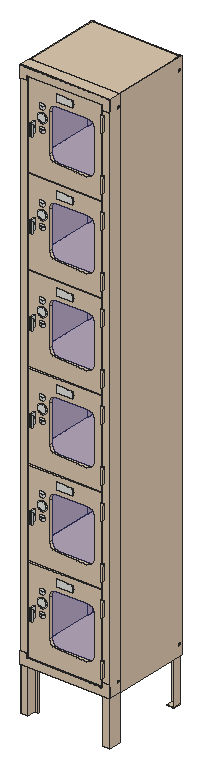
Revit family "Metal_Lockers-Salsbury_Industries-S_65000_66000_Series-1_Wide_Units", category Specialty Equipment, Revit 2016
Family settings
  Part Type = Normal
  Round Connector Dimension = Use Diameter
  OmniClass Number = 23.40.00.00
  OmniClass Title = Equipment and Furnishings
  Work Plane-Based = No
  Always vertical = Yes
  Cut with Voids When Loaded = No
  Shared = No
  Room Calculation Point = No
Parameters (values of type "S-66162 - with Standard 6" High Legs")
  Zee Base Corner - Right Side [instance] = Metal Locker Zee Base Corner : None
  Zee Base Corner - Left Side [instance] = Metal Locker Zee Base Corner : None
  Zee Base - Right Side [instance] = Metal Locker Zee Base-Right Side : None
  Zee Base - Left Side [instance] = Metal Locker Zee Base-Left Side : None
  Zee Base = Metal Locker Zee Base : None
  Window Panel Material = Polycarbonate - Salsbury Finish - Clear
  Width = 12.040"
  Version = "3.0 (03/30/18)"
  Unit Height including Sloping Hood Only [instance] = 78.625"
  Unit Height = 72.000"
  URL = "www.lockers.com"
  Type Comments = "See-Through Metal Locker - Six Tier"
  Total Door(s) Height [instance] = 69.81949"
  Top Door = yes
  Top Compartment Divider = yes
  Sloping Top In-Line Filler - Right Side [instance] = Metal Locker Sloping Top Filler : None
  Sloping Top In-Line Filler - Left Side [instance] = Metal Locker Sloping Top Filler : None
  Sloping Top Corner Filler - Right Side [instance] = Metal Locker Sloping Corner Filler : None
  Sloping Top Corner Filler - Left Side [instance] = Metal Locker Sloping Corner Filler : None
  Sloping Hood Height = if(Depth = 12.010", 6.625", if(Depth = 15.010", 8.682", if(Depth = 18.010", 10.739", 0.000")))  # 6.625"
  Sloping Hood [instance] = Metal Locker Sloping Hood : None
  Right Side Base [instance] = Metal Locker Right Side Base : None
  Primary Structure Material [instance] = Paint - Salsbury Finish - Tan
  Overall Width including Rivets [instance] = 12.120"
  Unit Height including Base Only [instance] = 78.000"
  Overall Unit Height (including Base and Sloping Hood) [instance] = 84.625"
  OmniClass 23 Title = "Equipment and Furnishings"
  OmniClass 23 Number = "23.40.00.00"
  Model = "S-66162"
  MasterFormat Title = "Lockers"
  MasterFormat Number = "10 51 13"
  Manufacturer = "Salsbury Industries"
  Left Side Base [instance] = Metal Locker Left Side Base : None
  Individual Door Height = 11.534"
  Hasp Plate Rivet Material = Steel -Salsbury Finish - Polished Steel
  Hasp Handle Material = Plastic - Salsbury Finish - Black
  Front Vertical Filler - Right [instance] = Metal Locker Front Filler : None
  Front Vertical Filler - Left [instance] = Metal Locker Front Filler : None
  Front Base [instance] = Metal Locker Front Base : None
  Flat Top In-Line Filler - Right Side [instance] = Metal Locker Flat Top Filler : None
  Flat Top In-Line Filler - Left Side [instance] = Metal Locker Flat Top Filler : None
  Flat Top Corner Filler - Right Side [instance] = Metal Locker Flat Corner Filler : None
  Flat Top Corner Filler - Left Side [instance] = Metal Locker Flat Corner Filler : None
  Individual Door Width [instance] = 9.90055"
  End Panel - Right Side [instance] = Metal Locker End Panel : None
  End Panel - Left Side [instance] = Metal Locker End Panel : None
  Door Window Width = 6.000"
  Door Window Offset = if(Unit Height = 72.000", 3.372", if(Unit Height = 60.000", 3.303", 0.000"))  # 3.372"
  Door Window Height = if(Unit Height = 72.000", 7.000", if(Unit Height = 60.000", 7.000", 0.000"))  # 7.000"
  Door Location D1 = See-Through Metal Locker Doors-12 inch with Latch Hasps : Six Tier Door - 6 foot
  Description = "1 Wide - 6 Feet High - 12 Inches Deep"
  Depth = 12.010"
  Compartment Divider Height = Individual Door Height - 0.375"  # 11.159"
  Base Height = 6.000"
  Standard Leg Base = Metal Locker Legs : 6" High - 12" W x 12" D
  Assembly Code = "C1030310"
Reference planes (in)
  plane 1 "Center (Front/Back)": y = 0
  plane 2: z = 0
  plane 3 "Center (Left/Right)": x = 0
  plane 4 "Floor": z = 0
  plane 5 "Bottom of Unit": z = 6
  plane 6 "Top of Unit": z = 78
  plane 7 "Left Side of Unit": x = -6.02
  plane 8 "Right Side of Unit": x = 6.02
  plane 9 "Back of Unit": y = 6.005
  plane 10 "Front of Unit": y = -6.005
  plane 11 "Top of Sloping Hood": z = 84.625
  plane 12 "Left Rivet": x = -6.06
  plane 13 "Right Rivet": x = 6.06
  plane 14 "Right Side of Door Opening": x = 5.02
  plane 15 "Left Side of Door Opening": x = -5.02
  plane 16 "Top of Door Opening": z = 77
  plane 17 "Bottom of Door Opening": z = 7
  plane 18 "Back Edge of Front Facing": y = -4.417
  plane 19 "Front Plate Plane": y = -6.065
  plane 20 "Horizontal Center of Top Rivets": z = 76.5
  plane 21 "Horiz Center of Bottom Rivets": z = 7.5
  plane 22 "Vertical Center of Back Rivets": y = 5.505
  plane 23 "Vertical Center of Front Rivets": y = -4.755
  plane 24 "Right Align Top Filler Overlap": x = 5.435
  plane 25 "Left Align Top Filler Overlap": x = -5.435
  plane 26 "Corner Filler Align-Left": x = -6.08
  plane 27 "Corner Filler Align-Right": x = 6.08
  plane 28 "Left Side of Door": x = -4.95029
  plane 29 "Right Side of Door": x = 4.95026
  plane 30 "Top of Door 1": z = 76.90976
  plane 31 "Bottom of Bottom Door": z = 7.09027
  plane 32 "Zee Base Offset": x = -5.669
  plane 33: x = 5.669
  plane 34 "Compartment Align 3": z = 19.159
  plane 35: x = -5.96
  plane 36: x = 5.96
  plane 37: x = -5.635
  plane 38: x = 5.635
  plane 39: y = 5.945
  plane 40: y = 5.895
  plane 41: y = 5.145
  plane 42: x = -5.9
  plane 43: x = 5.9
  plane 44: x = -5.095
  plane 45: x = 5.095
  plane 46: z = 77.94
  plane 47: z = 19.099
  plane 48: z = 18.159
  plane 49: z = 6.9204
  plane 50: z = 6.18539
  plane 51: z = 76.40796
  plane 52: z = 7.59204
  plane 53: z = 18.159
  plane 54: z = 18.62427
  plane 55: z = 18.74976
  plane 56: z = 30.28376
  plane 57: z = 30.40876
  plane 58: z = 29.78327
  plane 59: z = 30.72327
  plane 60 "Compartment Align 2": z = 30.78327
  plane 61: z = 53.72076
  plane 62: z = 41.94276
  plane 63: z = 42.06776
  plane 64: z = 41.44276
  plane 65: z = 42.38276
  plane 66 "Compartment Align 1": z = 42.44276
  plane 67: z = 71.20625
  plane 68: z = 53.60176
  plane 69: z = 53.72676
  plane 70: z = 65.26076
  plane 71: z = 65.38576
  plane 72: z = 53.10176
  plane 73: z = 54.04176
  plane 74: z = 54.10176
  plane 75: z = 64.76076
  plane 76: z = 65.70076
  plane 77: z = 65.76076
  plane 78: z = 82.86525
  plane 79: z = 94.52425
  plane 80: x = -2.04974
  plane 81: x = 3.95026
  plane 82: z = 9.372
  plane 83: z = 16.372
Forms (in)
  Sweep 1, solid, material "Paint - Salsbury Finish - Tan" <- "Primary Structure Material"
    path origin (0, -6.005, 0) x (1, 0, 0) y (0, 0, 1)
      loop
        line (-6.02, 78) -> (-6.02, 6) -> (6.02, 6) -> (6.02, 78) -> (-6.02, 78)
    profile origin (0, -6.005, 78) x (0, 0, 1) y (0, -1, 0)
      loop
        line (0, 0) -> (-1, 0) -> (-1, -1.588) -> (0, -1.588) -> (0, 0)
  Extrusion 2, solid, material "Paint - Salsbury Finish - Tan" <- "Primary Structure Material"
    sketch origin (0, 0, 6) x (0, -1, 0) y (1, 0, 0)
      loop
        line (4.417, 6.02) -> (-6.005, 6.02) -> (-6.005, 5.635) -> (-5.945, 5.635) -> (-5.945, 5.96) -> (4.417, 5.96) -> (4.417, 6.02)
    from 0 to 72
  Extrusion 3, solid, material "Paint - Salsbury Finish - Tan" <- "Primary Structure Material"
    sketch origin (0, 0, 6) x (0, -1, 0) y (1, 0, 0)
      loop
        line (4.417, -6.02) -> (4.417, -5.96) -> (-5.945, -5.96) -> (-5.945, -5.635) -> (-6.005, -5.635) -> (-6.005, -6.02) -> (4.417, -6.02)
    from 0 to 72
  Extrusion 4, solid, material "Paint - Salsbury Finish - Tan" <- "Primary Structure Material"
    sketch origin (0, 0, 6) x (0, -1, 0) y (1, 0, 0)
      loop
        line (-5.945, -5.96) -> (-5.145, -5.96) -> (-5.145, -5.9) -> (-5.895, -5.9) -> (-5.895, 5.9) -> (-5.145, 5.9) -> (-5.145, 5.96) -> (-5.945, 5.96) -> (-5.945, -5.96)
    from 0 to 72
  Sweep 5, solid, material "Paint - Salsbury Finish - Tan" <- "Primary Structure Material"
    path origin (0, 0, 7) x (0, -1, 0) y (1, 0, 0)
      loop
        line (4.417, -5.96) -> (4.417, 5.96) -> (-5.145, 5.96) -> (-5.145, 5.9) -> (-5.895, 5.9) -> (-5.895, -5.9) -> (-5.145, -5.9) -> (-5.145, -5.96) -> (4.417, -5.96)
    profile origin (-5.96, 0.364, 7) x (-1, 0, 0) y (0, 0, 1)
      loop
        line (0, -0.81461) -> (0, -0.0796) -> (-0.06, -0.0796) -> (-0.06, -0.81461) -> (0, -0.81461)
  Extrusion 6, solid, material "Paint - Salsbury Finish - Tan" <- "Primary Structure Material"
    sketch origin (0, 0, 7) x (0, -1, 0) y (1, 0, 0)
      loop
        line (-5.895, -5.9) -> (-5.145, -5.9) -> (-5.145, -5.96) -> (4.417, -5.96) -> (4.417, 5.96) -> (-5.145, 5.96) -> (-5.145, 5.9) -> (-5.895, 5.9) -> (-5.895, -5.9)
    from -0.0796 to 0
  Extrusion 7, solid, material "Paint - Salsbury Finish - Tan" <- "Primary Structure Material"
    sketch origin (0, 0, 78) x (0, -1, 0) y (1, 0, 0)
      loop
        line (-5.895, -5.9) -> (-5.145, -5.9) -> (-5.145, -5.96) -> (4.417, -5.96) -> (4.417, 5.96) -> (-5.145, 5.96) -> (-5.145, 5.9) -> (-5.895, 5.9) -> (-5.895, -5.9)
    from -0.06 to 0
  Extrusion 8, solid, material "Paint - Salsbury Finish - Tan" <- "Primary Structure Material"
    sketch origin (0, -6.065, 0) x (0, 0, -1) y (1, 0, 0)
      loop
        line (-78, -6.02) -> (-76.47656, -6.02)
        arc (-76.47656, -6.02) -> (-76.42806, -5.99991) -> (-76.40796, -5.9514) r 0.0686
        line (-76.40796, -5.9514) -> (-76.40796, -5.16351)
        arc (-76.40796, -5.16351) -> (-76.42809, -5.11506) -> (-76.47656, -5.095) r 0.0686
        line (-76.47656, -5.095) -> (-77, -5.095) -> (-77, 5.095) -> (-76.47656, 5.095)
        arc (-76.47656, 5.095) -> (-76.42809, 5.11506) -> (-76.40796, 5.16351) r 0.0686
        line (-76.40796, 5.16351) -> (-76.40796, 5.9514)
        arc (-76.40796, 5.9514) -> (-76.42806, 5.99991) -> (-76.47656, 6.02) r 0.0686
        line (-76.47656, 6.02) -> (-78, 6.02) -> (-78, -6.02)
    from -0.06 to 0
  Extrusion 9, solid, material "Paint - Salsbury Finish - Tan" <- "Primary Structure Material"
    sketch origin (0, -6.065, 84) x (0, 0, 1) y (-1, 0, 0)
      loop
        line (-78, 6.02) -> (-78, -6.02) -> (-76.47656, -6.02)
        arc (-76.47656, -6.02) -> (-76.42806, -5.99991) -> (-76.40796, -5.9514) r 0.0686
        line (-76.40796, -5.9514) -> (-76.40796, -5.16351)
        arc (-76.40796, -5.16351) -> (-76.42809, -5.11506) -> (-76.47656, -5.095) r 0.0686
        line (-76.47656, -5.095) -> (-77, -5.095) -> (-77, 5.095) -> (-76.47656, 5.095)
        arc (-76.47656, 5.095) -> (-76.42809, 5.11506) -> (-76.40796, 5.16351) r 0.0686
        line (-76.40796, 5.16351) -> (-76.40796, 5.9514)
        arc (-76.40796, 5.9514) -> (-76.42806, 5.99991) -> (-76.47656, 6.02) r 0.0686
        line (-76.47656, 6.02) -> (-78, 6.02)
    from -0.06 to 0
  Blend 10, solid, material "Steel -Salsbury Finish - Polished Steel" <- "Hasp Plate Rivet Material"
    base sketch origin (6.02, 0, 0) x (0, 0, -1) y (0, -1, 0)
      loop
        circle (-76.5, 4.755) r 0.187
    top sketch origin (6.02, 0, 0) x (0, 0, -1) y (0, -1, 0)
      loop
        circle (-76.5, 4.755) r 0.05319
    from 0 to -0.04
  Blend 11, solid, material "Steel -Salsbury Finish - Polished Steel" <- "Hasp Plate Rivet Material"
    base sketch origin (6.02, 0, -69) x (0, 0, -1) y (0, -1, 0)
      loop
        circle (-76.5, 4.755) r 0.187
    top sketch origin (6.02, 0, -69) x (0, 0, -1) y (0, -1, 0)
      loop
        circle (-76.5, 4.755) r 0.05319
    from 0 to -0.04
  Blend 12, solid, material "Steel -Salsbury Finish - Polished Steel" <- "Hasp Plate Rivet Material"
    base sketch origin (6.02, 10.26, -69) x (0, 0, -1) y (0, -1, 0)
      loop
        circle (-76.5, 4.755) r 0.187
    top sketch origin (6.02, 10.26, -69) x (0, 0, -1) y (0, -1, 0)
      loop
        circle (-76.5, 4.755) r 0.05319
    from 0 to -0.04
  Blend 13, solid, material "Steel -Salsbury Finish - Polished Steel" <- "Hasp Plate Rivet Material"
    base sketch origin (6.02, 10.26, 0.0043) x (0, 0, -1) y (0, -1, 0)
      loop
        circle (-76.5, 4.755) r 0.187
    top sketch origin (6.02, 10.26, 0.0043) x (0, 0, -1) y (0, -1, 0)
      loop
        circle (-76.5, 4.755) r 0.05319
    from 0 to -0.04
  Blend 14, solid, material "Steel -Salsbury Finish - Polished Steel" <- "Hasp Plate Rivet Material"
    base sketch origin (-6.02, 0, -69) x (0, 0, -1) y (0, 1, 0)
      loop
        circle (-76.5, -4.755) r 0.187
    top sketch origin (-6.02, 0, -69) x (0, 0, -1) y (0, 1, 0)
      loop
        circle (-76.5, -4.755) r 0.05319
    from 0 to -0.04
  Blend 15, solid, material "Steel -Salsbury Finish - Polished Steel" <- "Hasp Plate Rivet Material"
    base sketch origin (-6.02, 10.26, -69) x (0, 0, -1) y (0, 1, 0)
      loop
        circle (-76.5, -4.755) r 0.187
    top sketch origin (-6.02, 10.26, -69) x (0, 0, -1) y (0, 1, 0)
      loop
        circle (-76.5, -4.755) r 0.05319
    from 0 to -0.04
  Blend 16, solid, material "Steel -Salsbury Finish - Polished Steel" <- "Hasp Plate Rivet Material"
    base sketch origin (-6.02, 0, 0) x (0, 0, -1) y (0, 1, 0)
      loop
        circle (-76.5, -4.755) r 0.187
    top sketch origin (-6.02, 0, 0) x (0, 0, -1) y (0, 1, 0)
      loop
        circle (-76.5, -4.755) r 0.05319
    from 0 to -0.04
  Blend 17, solid, material "Steel -Salsbury Finish - Polished Steel" <- "Hasp Plate Rivet Material"
    base sketch origin (-6.02, 10.26, 0.00039) x (0, 0, -1) y (0, 1, 0)
      loop
        circle (-76.5, -4.755) r 0.187
    top sketch origin (-6.02, 10.26, 0.00039) x (0, 0, -1) y (0, 1, 0)
      loop
        circle (-76.5, -4.755) r 0.05319
    from 0 to -0.04
  Extrusion 18, solid, material "Paint - Salsbury Finish - Tan" <- "Primary Structure Material"
    sketch origin (0, 0, 19.159) x (0, -1, 0) y (1, 0, 0)
      loop
        line (-5.895, -5.9) -> (-5.145, -5.9) -> (-5.145, -5.96) -> (4.417, -5.96) -> (4.417, 5.96) -> (-5.145, 5.96) -> (-5.145, 5.9) -> (-5.895, 5.9) -> (-5.895, -5.9)
    from -0.06 to 0
  Sweep 19, solid, material "Paint - Salsbury Finish - Tan" <- "Primary Structure Material"
    path origin (0, 0, 19.159) x (0, -1, 0) y (1, 0, 0)
      loop
        line (4.417, -5.96) -> (4.417, 5.96) -> (-5.145, 5.96) -> (-5.145, 5.9) -> (-5.895, 5.9) -> (-5.895, -5.9) -> (-5.145, -5.9) -> (-5.145, -5.96) -> (4.417, -5.96)
    profile origin (-5.96, 0.364, 19.159) x (-1, 0, 0) y (0, 0, 1)
      loop
        line (0, -1) -> (0, -0.06) -> (-0.06, -0.06) -> (-0.06, -1) -> (0, -1)
  Extrusion 20, solid, material "Paint - Salsbury Finish - Tan" <- "Primary Structure Material"
    sketch origin (0, 0, 54.72076) x (0, -1, 0) y (1, 0, 0)
      loop
        line (-5.895, -5.9) -> (-5.145, -5.9) -> (-5.145, -5.96) -> (4.417, -5.96) -> (4.417, 5.96) -> (-5.145, 5.96) -> (-5.145, 5.9) -> (-5.895, 5.9) -> (-5.895, -5.9)
    from -23.99749 to -23.93749
  Sweep 21, solid, material "Paint - Salsbury Finish - Tan" <- "Primary Structure Material"
    path origin (0, 0, 30.78327) x (0, -1, 0) y (1, 0, 0)
      loop
        line (4.417, -5.96) -> (4.417, 5.96) -> (-5.145, 5.96) -> (-5.145, 5.9) -> (-5.895, 5.9) -> (-5.895, -5.9) -> (-5.145, -5.9) -> (-5.145, -5.96) -> (4.417, -5.96)
    profile origin (-5.96, 0.364, 30.78327) x (-1, 0, 0) y (0, 0, 1)
      loop
        line (0, -1) -> (0, -0.06) -> (-0.06, -0.06) -> (-0.06, -1) -> (0, -1)
  Extrusion 22, solid, material "Paint - Salsbury Finish - Tan" <- "Primary Structure Material"
    sketch origin (0, 0, 42.44276) x (0, -1, 0) y (1, 0, 0)
      loop
        line (-5.895, -5.9) -> (-5.145, -5.9) -> (-5.145, -5.96) -> (4.417, -5.96) -> (4.417, 5.96) -> (-5.145, 5.96) -> (-5.145, 5.9) -> (-5.895, 5.9) -> (-5.895, -5.9)
    from -0.06 to 0
  Sweep 23, solid, material "Paint - Salsbury Finish - Tan" <- "Primary Structure Material"
    path origin (0, 0, 42.44276) x (0, -1, 0) y (1, 0, 0)
      loop
        line (4.417, -5.96) -> (4.417, 5.96) -> (-5.145, 5.96) -> (-5.145, 5.9) -> (-5.895, 5.9) -> (-5.895, -5.9) -> (-5.145, -5.9) -> (-5.145, -5.96) -> (4.417, -5.96)
    profile origin (-5.96, 0.364, 42.44276) x (-1, 0, 0) y (0, 0, 1)
      loop
        line (0, -1) -> (0, -0.06) -> (-0.06, -0.06) -> (-0.06, -1) -> (0, -1)
  Extrusion 24, solid, material "Paint - Salsbury Finish - Tan" <- "Primary Structure Material"
    sketch origin (0, 0, 54.10176) x (0, -1, 0) y (1, 0, 0)
      loop
        line (-5.895, -5.9) -> (-5.145, -5.9) -> (-5.145, -5.96) -> (4.417, -5.96) -> (4.417, 5.96) -> (-5.145, 5.96) -> (-5.145, 5.9) -> (-5.895, 5.9) -> (-5.895, -5.9)
    from -0.06 to 0
  Sweep 25, solid, material "Paint - Salsbury Finish - Tan" <- "Primary Structure Material"
    path origin (0, 0, 54.10176) x (0, -1, 0) y (1, 0, 0)
      loop
        line (4.417, -5.96) -> (4.417, 5.96) -> (-5.145, 5.96) -> (-5.145, 5.9) -> (-5.895, 5.9) -> (-5.895, -5.9) -> (-5.145, -5.9) -> (-5.145, -5.96) -> (4.417, -5.96)
    profile origin (-5.96, 0.364, 54.10176) x (-1, 0, 0) y (0, 0, 1)
      loop
        line (0, -1) -> (0, -0.06) -> (-0.06, -0.06) -> (-0.06, -1) -> (0, -1)
  Extrusion 26, solid, material "Paint - Salsbury Finish - Tan" <- "Primary Structure Material", visible <- "Top Compartment Divider"
    sketch origin (0, 0, 65.76076) x (0, -1, 0) y (1, 0, 0)
      loop
        line (-5.895, -5.9) -> (-5.145, -5.9) -> (-5.145, -5.96) -> (4.417, -5.96) -> (4.417, 5.96) -> (-5.145, 5.96) -> (-5.145, 5.9) -> (-5.895, 5.9) -> (-5.895, -5.9)
    from -0.06 to 0
  Sweep 27, solid, material "Paint - Salsbury Finish - Tan" <- "Primary Structure Material", visible <- "Top Compartment Divider"
    path origin (0, 0, 65.76076) x (0, -1, 0) y (1, 0, 0)
      loop
        line (4.417, -5.96) -> (4.417, 5.96) -> (-5.145, 5.96) -> (-5.145, 5.9) -> (-5.895, 5.9) -> (-5.895, -5.9) -> (-5.145, -5.9) -> (-5.145, -5.96) -> (4.417, -5.96)
    profile origin (-5.96, 0.364, 65.76076) x (-1, 0, 0) y (0, 0, 1)
      loop
        line (0, -1) -> (0, -0.06) -> (-0.06, -0.06) -> (-0.06, -1) -> (0, -1)
Lines and regions (in)
  reference lines
    curve 1: line (-29.59242, -6.065, 78) -> (36.15758, -6.065, 78)
  symbolic lines
    curve 2: line (-6.02, 6.005, 78) -> (6.02, 6.005, 78)
    curve 3: line (-6.02, -6.065, 78) -> (-6.02, 6.005, 78)
    curve 4: line (6.02, -6.065, 78) -> (-6.02, -6.065, 78)
    curve 5: line (6.02, 6.005, 78) -> (6.02, -6.065, 78)
    curve 6: line (-6.06, -4.80819, 78) -> (-6.02, -4.91809, 78)
    curve 7: line (-6.02, -4.58043, 78) -> (-6.06, -4.70181, 78)
    curve 8: line (-6.06, -4.80819, 78) -> (-6.06, -4.70181, 78)
    curve 9: line (-6.06, 5.45181, 78) -> (-6.02, 5.31077, 78)
    curve 10: line (-6.06, 5.55819, 78) -> (-6.02, 5.68474, 78)
    curve 11: line (-6.06, 5.55819, 78) -> (-6.06, 5.45181, 78)
    curve 12: line (6.06, 5.55819, 78) -> (6.02, 5.70747, 78)
    curve 13: line (6.06, 5.45181, 78) -> (6.02, 5.3179, 78)
    curve 14: line (6.06, 5.55819, 78) -> (6.06, 5.45181, 78)
    curve 15: line (6.06, -4.70181, 78) -> (6.02, -4.57098, 78)
    curve 16: line (6.06, -4.80819, 78) -> (6.02, -4.94769, 78)
    curve 17: line (6.06, -4.70181, 78) -> (6.06, -4.80819, 78)
Dimensions and locks (in)
  equal spacing: plane 7 "Left Side of Unit", plane 3 "Center (Left/Right)", plane 8 "Right Side of Unit"
  "Width": plane 7 "Left Side of Unit" to plane 8 "Right Side of Unit"
  "Base Height": plane 5 "Bottom of Unit" to plane 4 "Floor"
  "Unit Height": plane 6 "Top of Unit" to plane 5 "Bottom of Unit"
  "Unit Height including Base Only": plane 6 "Top of Unit" to plane 4 "Floor"
  equal spacing: plane 10 "Front of Unit", plane 1 "Center (Front/Back)", plane 9 "Back of Unit"
  "Depth": plane 10 "Front of Unit" to plane 9 "Back of Unit"
  "Sloping Hood Height": plane 11 "Top of Sloping Hood" to plane 6 "Top of Unit"
  "Overall Unit Height (including Base and Sloping Hood)": plane 11 "Top of Sloping Hood" to plane 4 "Floor"
  locked: plane 12 "Left Rivet" to plane 7 "Left Side of Unit" at 0.04
  locked: plane 8 "Right Side of Unit" to plane 13 "Right Rivet" at 0.04
  "Overall Width including Rivets": plane 12 "Left Rivet" to plane 13 "Right Rivet"
  plane 6 "Top of Unit" to plane 16 "Top of Door Opening" to plane 30 "Top of Door 1" to plane 51 = 1.000" locked, 0.09024", 0.5018"
  plane 52 to plane 31 "Bottom of Bottom Door" to plane 17 "Bottom of Door Opening" to plane 5 "Bottom of Unit" = 0.50177", 0.09027", 1.000" locked
  plane 7 "Left Side of Unit" to plane 15 "Left Side of Door Opening" to plane 28 "Left Side of Door" = 1.000" locked, 0.06971"
  plane 29 "Right Side of Door" to plane 14 "Right Side of Door Opening" to plane 8 "Right Side of Unit" = 0.06974", 1.000" locked
  plane 19 "Front Plate Plane" to plane 10 "Front of Unit" to plane 18 "Back Edge of Front Facing" = 0.060" locked, 1.588" locked
  "Unit Height including Sloping Hood Only": plane 11 "Top of Sloping Hood" to plane 5 "Bottom of Unit"
  locked: plane 20 "Horizontal Center of Top Rivets" to plane 6 "Top of Unit" at 1.5
  locked: plane 5 "Bottom of Unit" to plane 21 "Horiz Center of Bottom Rivets" at 1.5
  locked: plane 22 "Vertical Center of Back Rivets" to plane 9 "Back of Unit" at 0.5
  locked: plane 10 "Front of Unit" to plane 23 "Vertical Center of Front Rivets" at 1.25
  locked: plane 24 "Right Align Top Filler Overlap" to plane 13 "Right Rivet" at 0.625
  locked: plane 12 "Left Rivet" to plane 25 "Left Align Top Filler Overlap" at 0.625
  locked: plane 8 "Right Side of Unit" to plane 27 "Corner Filler Align-Right" at 0.06
  locked: plane 26 "Corner Filler Align-Left" to plane 7 "Left Side of Unit" at 0.06
  "Individual Door Width": plane 28 "Left Side of Door" to plane 29 "Right Side of Door"
  "Total Door(s) Height": plane 30 "Top of Door 1" to plane 31 "Bottom of Bottom Door"
  plane 7 "Left Side of Unit" to plane 32 "Zee Base Offset" = 0.351"
  plane 33 to plane 8 "Right Side of Unit" = 0.351"
  plane 34 "Compartment Align 3" to plane 47 to plane 53 = 0.060" locked, 0.940" locked
  plane 7 "Left Side of Unit" to plane 35 to plane 42 to plane 37 = 0.060" locked, 0.060" locked, 0.265" locked
  plane 38 to plane 43 to plane 36 to plane 8 "Right Side of Unit" = 0.265" locked, 0.060", 0.060"
  plane 41 to plane 40 to plane 39 to plane 9 "Back of Unit" = 0.750" locked, 0.050", 0.060"
  locked: plane 7 "Left Side of Unit" to plane 44 at 0.925
  locked: plane 45 to plane 8 "Right Side of Unit" at 0.925
  locked: plane 6 "Top of Unit" to plane 46 at 0.06
  plane 47 to plane 48 = 0.940"
  locked: plane 17 "Bottom of Door Opening" to plane 49 at 0.0796
  plane 49 to plane 50 = 0.73501"
  "Compartment Divider Height": plane 53 to plane 17 "Bottom of Door Opening"
  "Individual Door Height": plane 54 to plane 31 "Bottom of Bottom Door"
  locked: plane 55 to plane 54 at 0.12549
  locked: plane 57 to plane 56 at 0.125
  "Individual Door Height": plane 56 to plane 55
  plane 60 "Compartment Align 2" to plane 59 to plane 58 = 0.060" locked, 0.940" locked
  locked: plane 63 to plane 62 at 0.125
  "Individual Door Height": plane 62 to plane 57
  "Compartment Divider Height": plane 58 to plane 54
  "Compartment Divider Height": plane 64 to plane 56
  plane 66 "Compartment Align 1" to plane 65 to plane 64 = 0.060", 0.940"
  locked: plane 69 to plane 68 at 0.125
  locked: plane 71 to plane 70 at 0.125
  "Individual Door Height": plane 68 to plane 63
  "Individual Door Height": plane 70 to plane 69
  "Compartment Divider Height": plane 72 to plane 62
  "Compartment Divider Height": plane 75 to plane 68
  plane 74 to plane 73 to plane 72 = 0.060" locked, 0.940" locked
  plane 77 to plane 76 to plane 75 = 0.060" locked, 0.940" locked
  "Door Window Height": plane 83 to plane 82
  "Door Window Offset": plane 82 to plane 5 "Bottom of Unit"
  "Door Window Width": plane 80 to plane 81
  aligned and locked: level to plane 2
  aligned and locked: Extrusion 2 to plane 6 "Top of Unit"
  aligned and locked: Extrusion 3 to plane 6 "Top of Unit"
  aligned and locked: Extrusion 4 to plane 6 "Top of Unit"
  aligned and locked: Extrusion 8 to plane 10 "Front of Unit"
  aligned and locked: Extrusion 9 to plane 10 "Front of Unit"
  aligned and locked: Extrusion 6 to plane 17 "Bottom of Door Opening"
  aligned and locked: plane 4 "Floor" to nested 2
  aligned and locked: plane 5 "Bottom of Unit" to Extrusion 9
  aligned and locked: plane 8 "Right Side of Unit" to nested 6
  aligned and locked: plane 7 "Left Side of Unit" to nested 7
  aligned and locked: Blend 10 to plane 13 "Right Rivet"
  aligned and locked: plane 8 "Right Side of Unit" to Blend 10
  aligned and locked: Blend 15 to plane 7 "Left Side of Unit"
  aligned and locked: Blend 14 to plane 7 "Left Side of Unit"  (x2)
  aligned and locked: plane 12 "Left Rivet" to Blend 14
  aligned and locked: plane 12 "Left Rivet" to Blend 15
  aligned and locked: Blend 14 to plane 12 "Left Rivet"
  aligned and locked: Blend 17 to plane 7 "Left Side of Unit"
  aligned and locked: plane 12 "Left Rivet" to Blend 17
  aligned and locked: Blend 16 to plane 7 "Left Side of Unit"
  aligned and locked: plane 12 "Left Rivet" to Blend 16
  aligned and locked: plane 5 "Bottom of Unit" to nested 10
  aligned and locked: plane 13 "Right Rivet" to nested 10
  aligned and locked: plane 12 "Left Rivet" to nested 11
  aligned and locked: nested 11 to plane 10 "Front of Unit"
  aligned and locked: plane 13 "Right Rivet" to nested 12
  aligned and locked: plane 10 "Front of Unit" to nested 12
  aligned and locked: plane 6 "Top of Unit" to nested 12
  aligned and locked: plane 12 "Left Rivet" to nested 13
  aligned and locked: plane 10 "Front of Unit" to nested 13
  aligned and locked: plane 6 "Top of Unit" to nested 13
  aligned and locked: plane 6 "Top of Unit" to nested 14
  aligned and locked: nested 14 to plane 19 "Front Plate Plane"
  aligned and locked: nested 14 to plane 24 "Right Align Top Filler Overlap"
  aligned and locked: nested 15 to plane 25 "Left Align Top Filler Overlap"
  aligned and locked: nested 15 to plane 19 "Front Plate Plane"
  aligned and locked: nested 10 to nested 15
  aligned and locked: plane 19 "Front Plate Plane" to nested 16
  aligned and locked: plane 6 "Top of Unit" to nested 16
  aligned and locked: nested 17 to plane 6 "Top of Unit"
  aligned and locked: nested 17 to plane 19 "Front Plate Plane"
  aligned and locked: plane 19 "Front Plate Plane" to nested 18
  aligned and locked: nested 19 to plane 24 "Right Align Top Filler Overlap"
  aligned and locked: nested 19 to plane 19 "Front Plate Plane"
  aligned and locked: plane 16 "Top of Door Opening" to nested 19
  aligned and locked: nested 20 to plane 16 "Top of Door Opening"
  aligned and locked: nested 20 to plane 25 "Left Align Top Filler Overlap"
  aligned and locked: nested 20 to plane 19 "Front Plate Plane"
  aligned and locked: nested 11 to plane 6 "Top of Unit"
  aligned and locked: plane 10 "Front of Unit" to nested 10
  aligned and locked: plane 10 "Front of Unit" to nested 23
  aligned and locked: plane 10 "Front of Unit" to nested 1
  aligned and locked: plane 10 "Front of Unit" to nested 2
  aligned and locked: plane 6 "Top of Unit" to nested 18
  aligned and locked: plane 7 "Left Side of Unit" to nested 17
  aligned and locked: plane 32 "Zee Base Offset" to nested 9
  aligned and locked: plane 18 "Back Edge of Front Facing" to nested 9
  aligned and locked: nested 8 to plane 18 "Back Edge of Front Facing"
  aligned and locked: plane 33 to nested 8
  aligned and locked: plane 8 "Right Side of Unit" to nested 21
  aligned and locked: nested 22 to plane 7 "Left Side of Unit"
  aligned and locked: nested 22 to curve 1
  aligned and locked: nested 21 to curve 1
  aligned and locked: Sweep 19 sketch curve to Extrusion 18
  aligned and locked: plane 7 "Left Side of Unit" to Extrusion 3
  aligned and locked: Extrusion 3 to plane 9 "Back of Unit"
  aligned and locked: Extrusion 2 to plane 8 "Right Side of Unit"
  aligned and locked: Extrusion 2 to plane 9 "Back of Unit"
  aligned and locked: plane 18 "Back Edge of Front Facing" to Extrusion 3
  aligned and locked: plane 18 "Back Edge of Front Facing" to Extrusion 2
  aligned and locked: plane 35 to Extrusion 3
  aligned and locked: plane 36 to Extrusion 2
  aligned and locked: plane 37 to Extrusion 3
  aligned and locked: plane 38 to Extrusion 2
  aligned and locked: plane 39 to Extrusion 3
  aligned and locked: plane 39 to Extrusion 2
  aligned and locked: Extrusion 4 to plane 39
  aligned and locked: plane 40 to Extrusion 4
  aligned and locked: plane 35 to Extrusion 4
  aligned and locked: plane 41 to Extrusion 4  (x2)
  aligned and locked: plane 42 to Extrusion 4
  aligned and locked: plane 43 to Extrusion 4
  aligned and locked: Extrusion 7 to plane 40
  aligned and locked: plane 42 to Extrusion 7
  aligned and locked: plane 35 to Extrusion 7  (x2)
  aligned and locked: Extrusion 7 to plane 41  (x2)
  aligned and locked: Extrusion 7 to plane 43
  aligned and locked: Extrusion 7 to plane 36  (x2)
  aligned and locked: plane 18 "Back Edge of Front Facing" to Extrusion 7
  aligned and locked: plane 18 "Back Edge of Front Facing" to Extrusion 6
  aligned and locked: Extrusion 6 to plane 40
  aligned and locked: Extrusion 6 to plane 43
  aligned and locked: Extrusion 6 to plane 41  (x2)
  aligned and locked: Extrusion 6 to plane 36
  aligned and locked: plane 42 to Extrusion 6
  aligned and locked: plane 35 to Extrusion 6
  aligned and locked: Sweep 5 to plane 40
  aligned and locked: Sweep 5 to plane 41  (x2)
  aligned and locked: Sweep 5 to plane 43
  aligned and locked: Sweep 5 to plane 36
  aligned and locked: plane 18 "Back Edge of Front Facing" to Sweep 5
  aligned and locked: plane 35 to Sweep 5
  aligned and locked: plane 42 to Sweep 5
  aligned and locked: Sweep 5 sketch curve to plane 42
  aligned and locked: plane 40 to Sweep 5 sketch curve
  aligned and locked: plane 41 to Sweep 5 sketch curve  (x2)
  aligned and locked: Sweep 5 sketch curve to plane 35  (x2)
  aligned and locked: plane 43 to Sweep 5 sketch curve
  aligned and locked: plane 36 to Sweep 5 sketch curve
  aligned and locked: Sweep 5 sketch curve to plane 18 "Back Edge of Front Facing"
  aligned and locked: Extrusion 18 to plane 40
  aligned and locked: Extrusion 18 to plane 43
  aligned and locked: Extrusion 18 to plane 41  (x2)
  aligned and locked: Extrusion 18 to plane 36
  aligned and locked: plane 18 "Back Edge of Front Facing" to Extrusion 18
  aligned and locked: plane 35 to Extrusion 18
  aligned and locked: plane 42 to Extrusion 18
  aligned and locked: plane 40 to Sweep 19 sketch curve
  aligned and locked: plane 43 to Sweep 19 sketch curve
  aligned and locked: plane 41 to Sweep 19 sketch curve  (x2)
  aligned and locked: plane 36 to Sweep 19 sketch curve
  aligned and locked: Sweep 19 sketch curve to plane 18 "Back Edge of Front Facing"
  aligned and locked: Sweep 19 sketch curve to plane 35  (x2)
  aligned and locked: Sweep 19 sketch curve to plane 42
  aligned and locked: plane 6 "Top of Unit" to Sweep 1 sketch curve  (x2)
  aligned and locked: Sweep 1 sketch curve to plane 7 "Left Side of Unit"
  aligned and locked: plane 8 "Right Side of Unit" to Sweep 1 sketch curve
  aligned and locked: Sweep 1 sketch curve to plane 5 "Bottom of Unit"
  aligned and locked: plane 10 "Front of Unit" to Sweep 1
  aligned and locked: Extrusion 8 to plane 19 "Front Plate Plane"
  aligned and locked: plane 10 "Front of Unit" to Extrusion 8
  aligned and locked: Extrusion 8 to plane 8 "Right Side of Unit"
  aligned and locked: plane 7 "Left Side of Unit" to Extrusion 8
  aligned and locked: plane 7 "Left Side of Unit" to Extrusion 9
  aligned and locked: plane 19 "Front Plate Plane" to Extrusion 9
  aligned and locked: Extrusion 9 to plane 8 "Right Side of Unit"
  aligned and locked: plane 44 to Extrusion 9
  aligned and locked: plane 45 to Extrusion 9
  aligned and locked: plane 45 to Extrusion 8
  aligned and locked: Extrusion 8 to plane 44
  aligned and locked: plane 29 "Right Side of Door" to nested 23
  aligned and locked: plane 18 "Back Edge of Front Facing" to Sweep 1 sketch curve
  aligned and locked: Sweep 1 sketch curve to plane 16 "Top of Door Opening"
  aligned and locked: Sweep 1 sketch curve to plane 10 "Front of Unit"
  aligned and locked: plane 5 "Bottom of Unit" to Extrusion 4
  aligned and locked: Extrusion 4 to plane 36
  aligned and locked: plane 5 "Bottom of Unit" to Extrusion 3
  aligned and locked: plane 5 "Bottom of Unit" to Extrusion 2
  aligned and locked: Extrusion 7 to plane 6 "Top of Unit"
  aligned and locked: plane 46 to Extrusion 7
  aligned and locked: Extrusion 18 to plane 34 "Compartment Align 3"
  aligned and locked: plane 47 to Extrusion 18
  aligned and locked: plane 42 to Sweep 19 sketch curve
  aligned and locked: plane 48 to Sweep 19 sketch curve
  aligned and locked: plane 49 to Extrusion 6
  aligned and locked: Sweep 5 to plane 49
  aligned and locked: plane 50 to Sweep 5 sketch curve
  aligned and locked: plane 49 to Sweep 5 sketch curve
  aligned and locked: plane 42 to Sweep 5 sketch curve
  aligned and locked: plane 51 to Extrusion 8  (x2)
  aligned and locked: Extrusion 8 to plane 6 "Top of Unit"
  aligned and locked: plane 16 "Top of Door Opening" to Extrusion 8
  aligned and locked: Extrusion 9 to plane 17 "Bottom of Door Opening"
  aligned and locked: plane 52 to Extrusion 9
  aligned and locked: Extrusion 9 to plane 52
  aligned and locked: plane 4 "Floor" to nested 1
  aligned and locked: plane 8 "Right Side of Unit" to nested 1
  aligned and locked: Blend 12 to plane 13 "Right Rivet"
  aligned and locked: plane 8 "Right Side of Unit" to Blend 12
  aligned and locked: plane 8 "Right Side of Unit" to Blend 13
  aligned and locked: Blend 13 to plane 13 "Right Rivet"
  aligned and locked: plane 8 "Right Side of Unit" to Blend 11
  aligned and locked: Blend 11 to plane 13 "Right Rivet"
  aligned and locked: nested 22 to curve 3
  aligned and locked: curve 4 to Extrusion 8
  aligned and locked: curve 5 to Extrusion 8
  aligned and locked: curve 8 to Blend 14
  aligned and locked: curve 11 to Blend 15
  aligned and locked: curve 14 to Blend 12
  aligned and locked: curve 17 to Blend 10
  aligned and locked: plane 53 to Sweep 19
  aligned and locked: nested 23 to plane 31 "Bottom of Bottom Door"
  aligned and locked: plane 55 to nested 24
  aligned and locked: plane 10 "Front of Unit" to nested 24
  aligned and locked: plane 29 "Right Side of Door" to nested 24
  aligned and locked: plane 29 "Right Side of Door" to nested 25
  aligned and locked: nested 25 to plane 57
  aligned and locked: Sweep 21 sketch curve to Extrusion 20
  aligned and locked: Extrusion 20 to plane 60 "Compartment Align 2"
  aligned and locked: plane 59 to Sweep 21
  aligned and locked: Sweep 21 sketch curve to plane 58
  aligned and locked: Extrusion 20 sketch curve to plane 40
  aligned and locked: plane 35 to Extrusion 20 sketch curve
  aligned and locked: plane 42 to Extrusion 20 sketch curve
  aligned and locked: Extrusion 20 sketch curve to plane 41  (x2)
  aligned and locked: plane 18 "Back Edge of Front Facing" to Extrusion 20 sketch curve
  aligned and locked: Extrusion 20 sketch curve to plane 36
  aligned and locked: Extrusion 20 sketch curve to plane 43
  aligned and locked: plane 40 to Sweep 21 sketch curve
  aligned and locked: Sweep 21 sketch curve to plane 42
  aligned and locked: Sweep 21 sketch curve to plane 35
  aligned and locked: plane 41 to Sweep 21 sketch curve  (x2)
  aligned and locked: Sweep 21 sketch curve to plane 18 "Back Edge of Front Facing"
  aligned and locked: plane 36 to Sweep 21 sketch curve
  aligned and locked: plane 43 to Sweep 21 sketch curve
  aligned and locked: plane 63 to nested 26
  aligned and locked: plane 65 to Extrusion 22
  aligned and locked: Extrusion 22 to plane 66 "Compartment Align 1"
  aligned and locked: Sweep 23 sketch curve to plane 64
  aligned and locked: plane 65 to Sweep 23 sketch curve
  aligned and locked: Sweep 23 sketch curve to plane 35
  aligned and locked: plane 41 to Sweep 23 sketch curve  (x2)
  aligned and locked: Sweep 23 sketch curve to plane 42
  aligned and locked: plane 40 to Sweep 23 sketch curve
  aligned and locked: plane 43 to Sweep 23 sketch curve
  aligned and locked: plane 36 to Sweep 23 sketch curve
  aligned and locked: Sweep 23 sketch curve to plane 18 "Back Edge of Front Facing"
  aligned and locked: Extrusion 22 to nested 5  (x3)
  aligned and locked: Extrusion 22 to plane 41  (x2)
  aligned and locked: Extrusion 22 to Sweep 23  (x2)
  aligned and locked: plane 18 "Back Edge of Front Facing" to Extrusion 22
  aligned and locked: plane 29 "Right Side of Door" to nested 26
  aligned and locked: plane 10 "Front of Unit" to nested 26
  aligned and locked: plane 10 "Front of Unit" to nested 25
  aligned and locked: nested 27 to plane 69
  aligned and locked: nested 28 to plane 71
  aligned and locked: plane 29 "Right Side of Door" to nested 27
  aligned and locked: plane 29 "Right Side of Door" to nested 28
  aligned and locked: plane 10 "Front of Unit" to nested 28
  aligned and locked: plane 10 "Front of Unit" to nested 27
  aligned and locked: Extrusion 24 to Sweep 25  (x2)
  aligned and locked: Extrusion 26 to Sweep 27  (x3)
  aligned and locked: Extrusion 24 to plane 74
  aligned and locked: plane 73 to Extrusion 24
  aligned and locked: Extrusion 26 to plane 77
  aligned and locked: plane 76 to Extrusion 26
  aligned and locked: plane 76 to Sweep 27 sketch curve
  aligned and locked: Sweep 27 sketch curve to plane 75
  aligned and locked: plane 73 to Sweep 25 sketch curve
  aligned and locked: Sweep 25 sketch curve to plane 72
  aligned and locked: Extrusion 24 sketch curve to plane 40
  aligned and locked: plane 42 to Extrusion 24 sketch curve
  aligned and locked: Extrusion 24 sketch curve to plane 41  (x2)
  aligned and locked: plane 35 to Extrusion 24 sketch curve
  aligned and locked: plane 18 "Back Edge of Front Facing" to Extrusion 24 sketch curve
  aligned and locked: Extrusion 24 sketch curve to plane 36
  aligned and locked: Extrusion 24 sketch curve to plane 43
  aligned and locked: plane 40 to Sweep 25 sketch curve
  aligned and locked: Sweep 25 sketch curve to plane 35
  aligned and locked: plane 41 to Sweep 25 sketch curve  (x2)
  aligned and locked: Sweep 25 sketch curve to plane 42
  aligned and locked: Sweep 25 sketch curve to plane 18 "Back Edge of Front Facing"
  aligned and locked: plane 36 to Sweep 25 sketch curve
  aligned and locked: plane 43 to Sweep 25 sketch curve
  aligned and locked: Extrusion 26 sketch curve to plane 40
  aligned and locked: plane 42 to Extrusion 26 sketch curve
  aligned and locked: Extrusion 26 sketch curve to plane 41  (x2)
  aligned and locked: plane 35 to Extrusion 26 sketch curve
  aligned and locked: plane 18 "Back Edge of Front Facing" to Extrusion 26 sketch curve
  aligned and locked: Extrusion 26 sketch curve to plane 36
  aligned and locked: Extrusion 26 sketch curve to plane 43
  aligned and locked: plane 40 to Sweep 27 sketch curve
  aligned and locked: Sweep 27 sketch curve to plane 42
  aligned and locked: plane 41 to Sweep 27 sketch curve  (x2)
  aligned and locked: Sweep 27 sketch curve to plane 35
  aligned and locked: Sweep 27 sketch curve to plane 18 "Back Edge of Front Facing"
  aligned and locked: plane 36 to Sweep 27 sketch curve
  aligned and locked: plane 43 to Sweep 27 sketch curve
  aligned and locked: plane 9 "Back of Unit" to curve 2
  aligned and locked: plane 8 "Right Side of Unit" to nested 16
  aligned and locked: plane 7 "Left Side of Unit" to nested 4
  aligned and locked: plane 8 "Right Side of Unit" to nested 3
Automatic sketch dimensions
  Extrusion 2 sketch curve to plane 8 "Right Side of Unit" = 0.000"
  plane 9 "Back of Unit" to Extrusion 2 sketch curve = 0.000"
  Extrusion 2 sketch curve to plane 38 = 0.000"
  plane 39 to Extrusion 2 sketch curve = 0.000"
  plane 18 "Back Edge of Front Facing" to Extrusion 2 sketch curve = 0.000"
  Extrusion 2 sketch curve to plane 36 = 0.000"
  Extrusion 3 sketch curve to plane 7 "Left Side of Unit" = 0.000"
  plane 9 "Back of Unit" to Extrusion 3 sketch curve = 0.000"
  Extrusion 3 sketch curve to plane 37 = 0.000"
  plane 39 to Extrusion 3 sketch curve = 0.000"
  plane 18 "Back Edge of Front Facing" to Extrusion 3 sketch curve = 0.000"
  Extrusion 3 sketch curve to plane 35 = 0.000"
  Extrusion 4 sketch curve to plane 35 = 0.000"
  plane 39 to Extrusion 4 sketch curve = 0.000"
  plane 40 to Extrusion 4 sketch curve = 0.000"
  plane 41 to Extrusion 4 sketch curve = 0.000"  (x2)
  Extrusion 4 sketch curve to plane 42 = 0.000"
  Extrusion 4 sketch curve to plane 43 = 0.000"
  Extrusion 4 sketch curve to plane 36 = 0.000"
  plane 40 to Extrusion 6 sketch curve = 0.000"
  Extrusion 6 sketch curve to plane 35 = 0.000"
  plane 41 to Extrusion 6 sketch curve = 0.000"  (x2)
  plane 18 "Back Edge of Front Facing" to Extrusion 6 sketch curve = 0.000"
  Extrusion 6 sketch curve to plane 42 = 0.000"
  Extrusion 6 sketch curve to plane 43 = 0.000"
  Extrusion 6 sketch curve to plane 36 = 0.000"
  plane 40 to Extrusion 7 sketch curve = 0.000"
  Extrusion 7 sketch curve to plane 35 = 0.000"
  plane 41 to Extrusion 7 sketch curve = 0.000"  (x2)
  plane 18 "Back Edge of Front Facing" to Extrusion 7 sketch curve = 0.000"
  Extrusion 7 sketch curve to plane 42 = 0.000"
  Extrusion 7 sketch curve to plane 43 = 0.000"
  Extrusion 7 sketch curve to plane 36 = 0.000"
  Extrusion 8 sketch curve to plane 6 "Top of Unit" = 0.000"
  Extrusion 8 sketch curve to plane 16 "Top of Door Opening" = 0.000"
  plane 44 to Extrusion 8 sketch curve = 0.000"
  plane 7 "Left Side of Unit" to Extrusion 8 sketch curve = 0.000"
  plane 45 to Extrusion 8 sketch curve = 0.000"
  plane 8 "Right Side of Unit" to Extrusion 8 sketch curve = 0.000"
  Extrusion 8 sketch curve to plane 51 = 0.000"  (x2)
  plane 20 "Horizontal Center of Top Rivets" to Extrusion 8 sketch curve = 0.02344"  (x4)
  Extrusion 8 sketch curve to Extrusion 8 sketch curve = 0.0686"
  Extrusion 8 sketch curve to plane 45 = 0.06851"
  Extrusion 9 sketch curve to plane 5 "Bottom of Unit" = 0.000"
  Extrusion 9 sketch curve to plane 17 "Bottom of Door Opening" = 0.000"
  plane 44 to Extrusion 9 sketch curve = 0.000"
  plane 7 "Left Side of Unit" to Extrusion 9 sketch curve = 0.000"
  plane 45 to Extrusion 9 sketch curve = 0.000"
  plane 8 "Right Side of Unit" to Extrusion 9 sketch curve = 0.000"
  Extrusion 9 sketch curve to plane 52 = 0.000"  (x2)
  plane 21 "Horiz Center of Bottom Rivets" to Extrusion 9 sketch curve = 0.02344"  (x4)
  Extrusion 9 sketch curve to Extrusion 9 sketch curve = 0.0686"
  plane 45 to Extrusion 9 sketch curve = 0.06851"
  plane 20 "Horizontal Center of Top Rivets" to Blend 10 sketch curve = 0.000"  (x2)
  Blend 10 sketch curve to plane 23 "Vertical Center of Front Rivets" = 0.000"  (x2)
  plane 21 "Horiz Center of Bottom Rivets" to Blend 11 sketch curve = 0.000"  (x2)
  Blend 11 sketch curve to plane 23 "Vertical Center of Front Rivets" = 0.000"  (x2)
  plane 21 "Horiz Center of Bottom Rivets" to Blend 12 sketch curve = 0.000"  (x2)
  Blend 12 sketch curve to plane 22 "Vertical Center of Back Rivets" = 0.000"  (x2)
  Blend 13 sketch curve to plane 22 "Vertical Center of Back Rivets" = 0.000"  (x2)
  Blend 13 sketch curve to plane 20 "Horizontal Center of Top Rivets" = 0.0043"  (x2)
  plane 21 "Horiz Center of Bottom Rivets" to Blend 14 sketch curve = 0.000"  (x2)
  Blend 14 sketch curve to plane 23 "Vertical Center of Front Rivets" = 0.000"  (x2)
  plane 21 "Horiz Center of Bottom Rivets" to Blend 15 sketch curve = 0.000"  (x2)
  Blend 15 sketch curve to plane 22 "Vertical Center of Back Rivets" = 0.000"  (x2)
  plane 20 "Horizontal Center of Top Rivets" to Blend 16 sketch curve = 0.000"  (x2)
  Blend 16 sketch curve to plane 23 "Vertical Center of Front Rivets" = 0.000"  (x2)
  Blend 17 sketch curve to plane 22 "Vertical Center of Back Rivets" = 0.000"  (x2)
  Blend 17 sketch curve to plane 20 "Horizontal Center of Top Rivets" = 0.00039"  (x2)
  plane 19 "Front Plate Plane" to curve 1 = 0.000"
  plane 26 "Corner Filler Align-Left" to curve 1 = 23.51242"
  curve 1 to plane 27 "Corner Filler Align-Right" = 30.07758"
  plane 40 to Extrusion 18 sketch curve = 0.000"
  Extrusion 18 sketch curve to plane 35 = 0.000"
  plane 41 to Extrusion 18 sketch curve = 0.000"  (x2)
  plane 18 "Back Edge of Front Facing" to Extrusion 18 sketch curve = 0.000"
  Extrusion 18 sketch curve to plane 42 = 0.000"
  Extrusion 18 sketch curve to plane 43 = 0.000"
  Extrusion 18 sketch curve to plane 36 = 0.000"
  Sweep 21 sketch curve to profile plane = 0.000"
  Sweep 21 sketch curve to Sweep 21 sketch curve = 0.060"
  plane 40 to Extrusion 22 sketch curve = 0.000"
  Extrusion 22 sketch curve to plane 35 = 0.000"
  plane 41 to Extrusion 22 sketch curve = 0.000"  (x2)
  plane 18 "Back Edge of Front Facing" to Extrusion 22 sketch curve = 0.000"
  Extrusion 22 sketch curve to plane 42 = 0.000"
  Extrusion 22 sketch curve to plane 43 = 0.000"
  Extrusion 22 sketch curve to plane 36 = 0.000"
  Sweep 23 sketch curve to profile plane = 0.000"
  Sweep 23 sketch curve to Sweep 23 sketch curve = 0.060"
  Sweep 25 sketch curve to profile plane = 0.000"
  Sweep 25 sketch curve to Sweep 25 sketch curve = 0.060"
  Sweep 27 sketch curve to profile plane = 0.000"
  Sweep 27 sketch curve to Sweep 27 sketch curve = 0.060"
  curve 11 to plane 22 "Vertical Center of Back Rivets" = 0.05319"
  curve 14 to plane 22 "Vertical Center of Back Rivets" = 0.05319"
  plane 22 "Vertical Center of Back Rivets" to curve 9 = 0.05319"
  plane 22 "Vertical Center of Back Rivets" to curve 13 = 0.05319"
  curve 17 to plane 23 "Vertical Center of Front Rivets" = 0.05319"
  curve 8 to plane 23 "Vertical Center of Front Rivets" = 0.05319"
  plane 23 "Vertical Center of Front Rivets" to curve 8 = 0.05319"
  plane 23 "Vertical Center of Front Rivets" to curve 17 = 0.05319"
  curve 12 to curve 12 = 0.14928"
  curve 10 to curve 10 = 0.12655"
  curve 13 to curve 13 = 0.13391"
  curve 9 to curve 9 = 0.14104"
  curve 15 to curve 15 = 0.13083"
  curve 7 to curve 7 = 0.12138"
  curve 6 to curve 6 = 0.1099"
  curve 16 to curve 16 = 0.1395"
  radius of Blend 10 sketch curve = 0.187"
  radius of Blend 10 sketch curve = 0.05319"
  radius of Blend 11 sketch curve = 0.187"
  radius of Blend 11 sketch curve = 0.05319"
  radius of Blend 12 sketch curve = 0.187"
  radius of Blend 12 sketch curve = 0.05319"
  radius of Blend 13 sketch curve = 0.187"
  radius of Blend 13 sketch curve = 0.05319"
  radius of Blend 14 sketch curve = 0.187"
  radius of Blend 14 sketch curve = 0.05319"
  radius of Blend 15 sketch curve = 0.187"
  radius of Blend 15 sketch curve = 0.05319"
  radius of Blend 16 sketch curve = 0.187"
  radius of Blend 16 sketch curve = 0.05319"
  radius of Blend 17 sketch curve = 0.187"
  radius of Blend 17 sketch curve = 0.05319"
Nested families (in)
  nested 1: "Metal Locker Legs" at (0, 0, 0), type <- "Standard Leg Base", type "6" High - 12" W x 12" D"
  nested 2: "Metal Locker Front Base" at (0, 0, 0), type <- "Front Base", type "None"
  nested 3: "Metal Locker Right Side Base" at (0, 0.794, 0), type <- "Right Side Base", type "None"
  nested 4: "Metal Locker Left Side Base" at (-10.79, 0.794, 0), type <- "Left Side Base", type "None"
  nested 5: "Metal Locker Zee Base" at (0, 0, 0), type <- "Zee Base", type "None"
  nested 6: "Metal Locker Zee Base-Right Side" at (0.03, 0.824, 0), type <- "Zee Base - Right Side", type "None"
  nested 7: "Metal Locker Zee Base-Left Side" at (-8.01, 0.824, 0), type <- "Zee Base - Left Side", type "None"
  nested 8: "Metal Locker Zee Base Corner" at (6.669, -5.417, 0), type <- "Zee Base Corner - Right Side", type "None"
  nested 9: "Metal Locker Zee Base Corner" at (-6.669, -5.417, 0) x (-1, 0, 0) z (0, 0, 1), type <- "Zee Base Corner - Left Side", type "None"
  nested 10: "Metal Locker End Panel" at (10.1925, 2.167, 6), type <- "End Panel - Right Side", type "None"
  nested 11: "Metal Locker End Panel" at (-10.1925, 2.167, 6) x (-1, 0, 0) z (0, 0, 1), type <- "End Panel - Left Side", type "None"
  nested 12: "Metal Locker Front Filler" at (18.155, -3.088, 0), type <- "Front Vertical Filler - Right", type "None"
  nested 13: "Metal Locker Front Filler" at (-8.965, -3.088, 0), type <- "Front Vertical Filler - Left", type "None"
  nested 14: "Metal Locker Flat Top Filler" at (18.155, 2.113, 77.045), type <- "Flat Top In-Line Filler - Right Side", type "None"
  nested 15: "Metal Locker Flat Top Filler" at (-8.965, 2.113, 77.045), type <- "Flat Top In-Line Filler - Left Side", type "None"
  nested 16: "Metal Locker Flat Corner Filler" at (16.3025, 1.7895, 78), type <- "Flat Top Corner Filler - Right Side", type "None"
  nested 17: "Metal Locker Flat Corner Filler" at (-16.3025, 1.7895, 78) x (-1, 0, 0) z (0, 0, 1), type <- "Flat Top Corner Filler - Left Side", type "None"
  nested 18: "Metal Locker Sloping Hood" at (4.595, 2.137, 78), type <- "Sloping Hood", type "None"
  nested 19: "Metal Locker Sloping Top Filler" at (18.155, 2.113, 78.028), type <- "Sloping Top In-Line Filler - Right Side", type "None"
  nested 20: "Metal Locker Sloping Top Filler" at (-8.965, 2.113, 78.028), type <- "Sloping Top In-Line Filler - Left Side", type "None"
  nested 21: "Metal Locker Sloping Corner Filler" at (13.9095, -4.9375, 77.71202) x (0, -1, 0) z (0, 0, 1), type <- "Sloping Top Corner Filler - Right Side", type "None"
  nested 22: "Metal Locker Sloping Corner Filler" at (-7.1475, 1.8245, 77.71223), type <- "Sloping Top Corner Filler - Left Side", type "None"
  nested 23: "See-Through Metal Locker Doors-12 inch with Latch Hasps" at (-0.00024, -5.83, 7.09027), type <- "Door Location D1", type "Six Tier Door - 6 foot"
  nested 24: "See-Through Metal Locker Doors-12 inch with Latch Hasps" at (-0.00024, -5.83, 18.74976), type <- "Door Location D1", type "Six Tier Door - 6 foot"
  nested 25: "See-Through Metal Locker Doors-12 inch with Latch Hasps" at (-0.00024, -5.83, 30.40876), type <- "Door Location D1", type "Six Tier Door - 6 foot"
  nested 26: "See-Through Metal Locker Doors-12 inch with Latch Hasps" at (-0.00024, -5.83, 42.06776), type <- "Door Location D1", type "Six Tier Door - 6 foot"
  nested 27: "See-Through Metal Locker Doors-12 inch with Latch Hasps" at (-0.00024, -5.83, 53.72676), type <- "Door Location D1", type "Six Tier Door - 6 foot"
  nested 28: "See-Through Metal Locker Doors-12 inch with Latch Hasps" at (-0.00024, -5.83, 65.38576), type <- "Door Location D1", visible <- "Top Door", type "Six Tier Door - 6 foot"
Definition of nested family "Metal Locker Legs"
  Parameters (values of type "6" High - 12"W x 18"D - Bridge")
    Width = 12.007"
    Visible = yes
    Version = "1.0 (11/30/15)"
    Type Comments = "Standard Metal Locker Legs - Bridge"
    Primary Structure Material = none
    Model = "n/a"
    MasterFormat Title = ""
    MasterFormat Number = ""
    Manufacturer = "Salsbury Industries"
    Description = "12\"W x 6\" H x 18\"D"
    Depth = 18.010"
    Height = 6.000"
    Assembly Code = ""
  Types (7): name | Width | Visible | Type Comments | Description | Depth
    6" High - 12" W x 12" D | 12.040" | yes | "Standard Metal Locker Legs" | "12\"W x 6\" H x 12\"D" | 12.010"
    6" High - 12" W x 15" D | 12.040" | yes | "Standard Metal Locker Legs" | "12\"W x 6\" H x 15\"D" | 15.010"
    6" High - 12"W x 18"D | 12.040" | yes | "Standard Metal Locker Legs" | "12\"W x 6\" H x 18\"D" | 18.010"
    6" High - 15"W x 15"D | 15.040" | yes | "Standard Metal Locker Legs" | "15\"W x 6\" H x 15\"D" | 15.010"
    6" High - 15"W x 18"D | 15.040" | yes | "Standard Metal Locker Legs" | "15\"W x 6\" H x 18\"D" | 18.010"
    No Legs | 12.040" | no | "No Legs" | "" | 12.010"
    6" High - 12"W x 18"D - Bridge | 12.007" | yes | "Standard Metal Locker Legs - Bridge" | "12\"W x 6\" H x 18\"D" | 18.010"
  Reference planes (in)
    plane 1 "Center (Front/Back)": y = 0
    plane 2: z = 0
    plane 3 "Center (Left/Right)": x = 0
    plane 4 "Floor": z = 0
    plane 5 "Bottom of Unit": z = 6
    plane 6 "Left Side of Unit": x = -6.0035
    plane 7 "Right Side of Unit": x = 6.0035
    plane 8 "Back of Unit": y = 9.005
    plane 9 "Front of Unit": y = -9.005
    plane 10 "Right Side of Door Opening": x = 5.0035
    plane 11 "Left Side of Door Opening": x = -5.0035
    plane 12 "Top of back legs": z = 6.185
    plane 13 "Back Edge of Front Facing": y = -7.417
    plane 14 "Inside Edge of Front Leg": x = -4.5635
    plane 15 "Inside Edge of Right Leg": x = 4.5635
    plane 16: y = -7.82
    plane 17 "Back Edge of Rear Legs": y = 8.895
    plane 18 "Right Edge of Rear Right Leg": x = 5.8835
    plane 19 "Left Edge or Rear Left Leg": x = -5.8835
    plane 20: y = 7.895
    plane 21 "Inside Edge or Rear Right Leg": x = 4.8835
    plane 22 "Inside Edge or Left Rear Leg": x = -4.8835
  Forms (in)
    Extrusion 1, solid, material <- "Primary Structure Material", visible <- "Visible"
      sketch origin (0, 0, 0) x (0, -1, 0) y (1, 0, 0)
        loop
          line (7.417, 6.0035) -> (7.417, 5.9435) -> (8.945, 5.9435) -> (8.945, 5.0635) -> (7.76, 5.0635) -> (7.76, 4.5635) -> (7.82, 4.5635) -> (7.82, 5.0035) -> (9.005, 5.0035) -> (9.005, 6.0035) -> (7.417, 6.0035)
      from 0 to 6
    Extrusion 2, solid, material <- "Primary Structure Material", visible <- "Visible"
      sketch origin (0, 0, 0) x (0, -1, 0) y (1, 0, 0)
        loop
          line (7.417, -6.0035) -> (9.005, -6.0035) -> (9.005, -5.0035) -> (7.82, -5.0035) -> (7.82, -4.5635) -> (7.76, -4.5635) -> (7.76, -5.0635) -> (8.945, -5.0635) -> (8.945, -5.9435) -> (7.417, -5.9435) -> (7.417, -6.0035)
      from 0 to 6
    Extrusion 3, solid, material <- "Primary Structure Material", visible <- "Visible"
      sketch origin (0, 0, 0) x (0, -1, 0) y (1, 0, 0)
        loop
          line (-8.895, 5.8835) -> (-8.895, 4.8835) -> (-8.835, 4.8835) -> (-8.835, 5.8235) -> (-7.895, 5.8235) -> (-7.895, 5.8835) -> (-8.895, 5.8835)
      from 0.06 to 6.185
    Extrusion 4, solid, material <- "Primary Structure Material", visible <- "Visible"
      sketch origin (0, 0, 0) x (0, -1, 0) y (1, 0, 0)
        loop
          line (-8.895, 5.8835) -> (-8.895, 4.8835) -> (-7.895, 4.8835) -> (-7.895, 5.8835) -> (-8.895, 5.8835)
      from 0 to 0.06
    Extrusion 5, solid, material <- "Primary Structure Material", visible <- "Visible"
      sketch origin (0, 0, 0) x (0, -1, 0) y (1, 0, 0)
        loop
          line (-8.895, -5.8835) -> (-7.895, -5.8835) -> (-7.895, -5.8235) -> (-8.835, -5.8235) -> (-8.835, -4.8835) -> (-8.895, -4.8835) -> (-8.895, -5.8835)
      from 0.06 to 6.185
    Extrusion 6, solid, material <- "Primary Structure Material", visible <- "Visible"
      sketch origin (0, 0, 0) x (0, -1, 0) y (1, 0, 0)
        loop
          line (-8.895, -5.8835) -> (-7.895, -5.8835) -> (-7.895, -4.8835) -> (-8.895, -4.8835) -> (-8.895, -5.8835)
      from 0 to 0.06
  Dimensions and locks (in)
    equal spacing: plane 6 "Left Side of Unit", plane 3 "Center (Left/Right)", plane 7 "Right Side of Unit"
    "Width": plane 6 "Left Side of Unit" to plane 7 "Right Side of Unit"
    "Height": plane 5 "Bottom of Unit" to plane 4 "Floor"
    equal spacing: plane 9 "Front of Unit", plane 1 "Center (Front/Back)", plane 8 "Back of Unit"
    "Depth": plane 9 "Front of Unit" to plane 8 "Back of Unit"
    plane 12 "Top of back legs" to plane 5 "Bottom of Unit" = 0.185"
    plane 6 "Left Side of Unit" to plane 11 "Left Side of Door Opening" = 1.000"
    plane 10 "Right Side of Door Opening" to plane 7 "Right Side of Unit" = 1.000"
    locked: plane 9 "Front of Unit" to plane 13 "Back Edge of Front Facing" at 1.588
    plane 11 "Left Side of Door Opening" to plane 14 "Inside Edge of Front Leg" = 0.440"
    plane 15 "Inside Edge of Right Leg" to plane 10 "Right Side of Door Opening" = 0.440"
    plane 9 "Front of Unit" to plane 16 = 1.185"
    plane 15 "Inside Edge of Right Leg" to plane 21 "Inside Edge or Rear Right Leg" to plane 10 "Right Side of Door Opening" to plane 18 "Right Edge of Rear Right Leg" to plane 7 "Right Side of Unit" = 0.320", 0.120", 0.880", 0.120"
    plane 6 "Left Side of Unit" to plane 19 "Left Edge or Rear Left Leg" to plane 11 "Left Side of Door Opening" to plane 22 "Inside Edge or Left Rear Leg" to plane 14 "Inside Edge of Front Leg" = 0.120", 0.880", 0.120", 0.320"
    plane 20 to plane 17 "Back Edge of Rear Legs" to plane 8 "Back of Unit" = 1.000", 0.110"
    aligned and locked: level to plane 2
    aligned and locked: Extrusion 3 to Extrusion 4
    aligned and locked: Extrusion 6 to Extrusion 5
    aligned and locked: Extrusion 3 to plane 18 "Right Edge of Rear Right Leg"
    aligned and locked: Extrusion 3 to plane 17 "Back Edge of Rear Legs"
    aligned and locked: Extrusion 5 to plane 19 "Left Edge or Rear Left Leg"
    aligned and locked: Extrusion 5 to plane 17 "Back Edge of Rear Legs"
    aligned and locked: Extrusion 2 to plane 5 "Bottom of Unit"
    aligned and locked: Extrusion 1 to plane 5 "Bottom of Unit"
    aligned and locked: Extrusion 3 to plane 12 "Top of back legs"
    aligned and locked: Extrusion 5 to plane 12 "Top of back legs"
  Automatic sketch dimensions
    plane 13 "Back Edge of Front Facing" to Extrusion 1 sketch curve = 0.000"
    Extrusion 1 sketch curve to plane 15 "Inside Edge of Right Leg" = 0.000"
    plane 16 to Extrusion 1 sketch curve = 0.000"
    Extrusion 1 sketch curve to plane 7 "Right Side of Unit" = 0.000"
    plane 9 "Front of Unit" to Extrusion 1 sketch curve = 0.000"
    Extrusion 1 sketch curve to plane 10 "Right Side of Door Opening" = 0.000"
    Extrusion 1 sketch curve to plane 16 = 0.060"
    Extrusion 1 sketch curve to plane 9 "Front of Unit" = 0.060"
    Extrusion 1 sketch curve to plane 10 "Right Side of Door Opening" = 0.060"
    plane 7 "Right Side of Unit" to Extrusion 1 sketch curve = 0.060"
    plane 13 "Back Edge of Front Facing" to Extrusion 2 sketch curve = 0.000"
    Extrusion 2 sketch curve to plane 14 "Inside Edge of Front Leg" = 0.000"
    plane 16 to Extrusion 2 sketch curve = 0.000"
    Extrusion 2 sketch curve to plane 6 "Left Side of Unit" = 0.000"
    plane 9 "Front of Unit" to Extrusion 2 sketch curve = 0.000"
    Extrusion 2 sketch curve to plane 11 "Left Side of Door Opening" = 0.000"
    plane 16 to Extrusion 2 sketch curve = 0.060"
    plane 9 "Front of Unit" to Extrusion 2 sketch curve = 0.060"
    Extrusion 2 sketch curve to plane 11 "Left Side of Door Opening" = 0.060"
    plane 6 "Left Side of Unit" to Extrusion 2 sketch curve = 0.060"
    plane 17 "Back Edge of Rear Legs" to Extrusion 3 sketch curve = 0.000"
